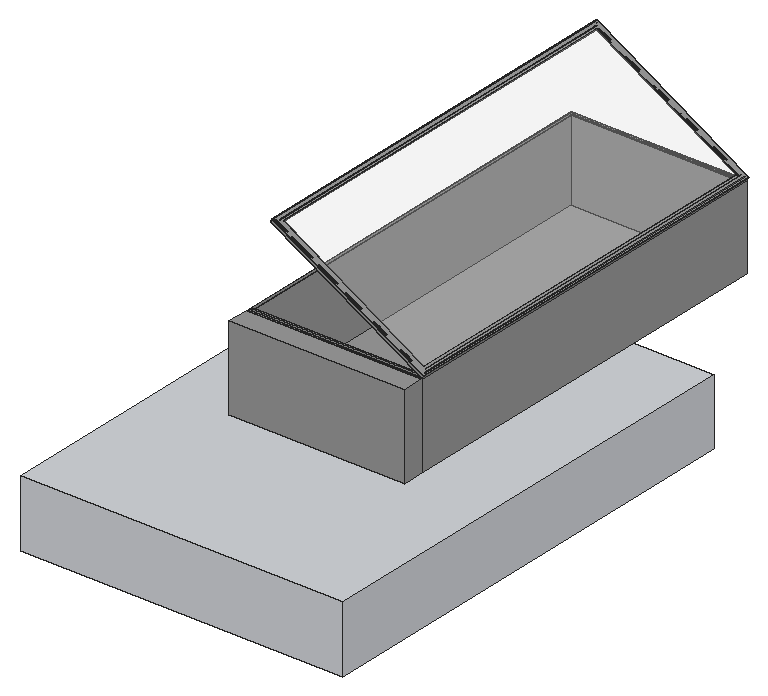
Revit family "Hager-Univers-IP55-D400-H1950-Cl.II-Steel_encl-ES-es", category Equipement électrique, Revit 2020
Family settings
  Hôte = Face
  Configuration du panneau = Deux colonnes, circuits au sein
  Cote de connecteur circulaire = Utiliser le diamètre
  Type d'élément = Tableau de raccordement
  Couper avec des vides une fois chargée = Non
  Partagée = Non
  Point de calcul de pièce = Non
Parameters (values of type "Instalación de suelo IP55 A800 A1950 P400  - FR23U1")
  Width Control [instance] = if([EF000008 - Anchura] > Min Width, [EF000008 - Anchura], Min Width)  # 800 mm
  Commentaires du type = [HG000003 - Gama]  # "Univers"
  Thickness Door [instance] = if([EF009171 - Espesor puerta/tapa] > 3 mm, 3 mm, [EF009171 - Espesor puerta/tapa])  # 1.5 mm
  Seal Frame Offset [instance] = 17 mm  # constant formula
  Plinth Visibility [instance] = [HG000027 - Altura de zócalo] > 0 mm  # yes
  Model = ""
  Min Width [instance] = 100 mm  # constant formula
  Min Height [instance] = 100 mm  # constant formula
  Min Depth [instance] = (2 * [EF009170 - Espesor del material de la caja]) + 1 mm  # 4 mm
  Internal Frame Depth [instance] = (Door System Depth * 0.5)  # 9 mm
  Height Control [instance] = if([EF000040 - Altura] > Min Height, [EF000040 - Altura], Min Height)  # 1950 mm
  HG000027 - Altura de zócalo = 100 mm
  HG000026 - Instalación en suelo = yes
  HG000024 - Altura de la sección inferior = 800 mm
  HG000023 - Caja de doble sección = no
  HG000016 - Visibilidad de la puerta 3D [instance] = yes
  HG000015 - Visibilidad a través de la puerta [instance] = no
  HG000014 - Puerta a la derecha [instance] = yes
  HG000013 - Puerta a la izquierda [instance] = not([HG000014 - Puerta a la derecha])  # no
  HG000012 - Ángulo de giro de la puerta [instance] = 30.00°
  HG000010 - Puertas asimétricas = no
  HG000009 - Puerta batiente doble = no
  HG000006 - Empotrado = no
  HG000004 - Referencia del fabricante = "FR23U1"
  HG000003 - Gama = "Univers"
  HG000002 - Con puerta o tapa = yes
  Frame Offset Bottom [instance] = 10 mm  # constant formula
  Frame Offset [instance] = 15 mm  # constant formula
  EF015940 - Tapa con alivio de sobrepresión = no
  EF011959 - Grado de protección (NEMA) = ""
  EF009554 - Número de aberturas para placas-brida = 6
  Fabricant = "Hager"  # constant formula
  EF009212 - Versión de la cubierta = "EV000116 - Cerrado"
  EF009171 - Espesor puerta/tapa = 1.5 mm
  EF009170 - Espesor del material de la caja = 1.5 mm
  EF008873 - Corriente nominal (In) = 800 A
  EF007800 - Adecuado para la protección contra rayos = no
  EF006306 - Con cierre = no
  EF006244 - Tapa/puerta transparente = yes
  EF005474 - Grado de protección (IP) = "EV006420 - IP55"
  EF004464 - Tipo de puerta = "EV002646 - Único"
  EF004427 - Número de módulos = 432
  EF004293 - Resistencia al impacto (IK) = "EV008784 - IK10"
  EF003532 - Adecuado para uso en exteriores = no
  EF002950 - Anchura de unidades de división = 24
  EF001613 - Integridad del circuito = "EV000494 - Ninguno"
  EF001596 - Material de la carcasa = "EV000179 - Acero"
  EF001131 - Profundidad interna = 400 mm
  EF001088 - Posibilidad de extensión = yes
  EF000437 - Número de entradas de conductos de cables = 6
  EF000339 - Tipo de cubierta = "EV004216 - Puerta"
  EF000266 - Número de filas = 12
  EF000218 - Profundidad de instalación = 0 mm
  EF000118 - Con placa de montaje = no
  EF000116 - Número RAL = "7035"
  EF000049 - Profundidad = 400 mm
  EF000040 - Altura = 1950 mm
  EF000008 - Anchura = 800 mm
  EF000007 - Color = "EV000270 - Gris"
  EF000003 - Tipo de montaje = "EV012274 - Instalación de suelo"
  Door System Leaf Tolerance [instance] = 1.5 mm  # constant formula
  Door System Depth [instance] = 18 mm  # constant formula
  Door Height [instance] = Height Control - [HG000027 - Altura de zócalo]  # 1850 mm
  Depth Control [instance] = if([EF000049 - Profundidad] > Min Depth, [EF000049 - Profundidad], Min Depth)  # 400 mm
  Default Elevation = 0 mm
  Connector Offset [instance] = Height Control / 2  # 975 mm
  Bottom Top Plate Trim [instance] = 1.5 mm  # constant formula
  Plinth height Ctrl [instance] = if([HG000027 - Altura de zócalo] > 0 mm, [HG000027 - Altura de zócalo], 12 mm)  # 100 mm
Types (11, lengths in mm): name | Width Control | HG000010 - Puertas asimétricas | HG000009 - Puerta batiente doble | HG000004 - Referencia del fabricante | EF009554 - Número de aberturas para placas-brida | EF006244 - Tapa/puerta transparente | EF004464 - Tipo de puerta | EF004427 - Número de módulos | EF000437 - Número de entradas de conductos de cables | EF000008 - Anchura
  Instalación de suelo IP55 A1050 A1950 P400  - FR24H1 | 1050 | yes | yes | "FR24H1" | 8 | no | "EV003602 - Doble" | 576 | 8 | 1050
  Instalación de suelo IP55 A1050 A1950 P400  - FR24U1 | 1050 | yes | yes | "FR24U1" | 8 | yes | "EV003602 - Doble" | 576 | 8 | 1050
  Instalación de suelo IP55 A1300 A1950 P400  - FR25H1 | 1300 | yes | yes | "FR25H1" | 10 | no | "EV003602 - Doble" | 720 | 10 | 1300
  Instalación de suelo IP55 A1300 A1950 P400  - FR25U1 | 1300 | yes | yes | "FR25U1" | 10 | yes | "EV003602 - Doble" | 720 | 10 | 1300
  Instalación de suelo IP55 A1550 A1950 P400  - FR26H1 | 1550 | yes | yes | "FR26H1" | 12 | no | "EV003602 - Doble" | 864 | 12 | 1550
  Instalación de suelo IP55 A1550 A1950 P400  - FR26U1 | 1550 | yes | yes | "FR26U1" | 12 | yes | "EV003602 - Doble" | 864 | 12 | 1550
  Instalación de suelo IP55 A300 A1950 P400  - FR21H1 | 300 | no | no | "FR21H1" | 2 | no | "EV002646 - Único" | 144 | 2 | 300
  Instalación de suelo IP55 A550 A1950 P400  - FR22H1 | 550 | no | no | "FR22H1" | 4 | no | "EV002646 - Único" | 288 | 4 | 550
  Instalación de suelo IP55 A550 A1950 P400  - FR22U1 | 550 | no | no | "FR22U1" | 4 | yes | "EV002646 - Único" | 288 | 4 | 550
  Instalación de suelo IP55 A800 A1950 P400  - FR23H1 | 800 | no | no | "FR23H1" | 6 | no | "EV002646 - Único" | 432 | 6 | 800
  Instalación de suelo IP55 A800 A1950 P400  - FR23U1 | 800 | no | no | "FR23U1" | 6 | yes | "EV002646 - Único" | 432 | 6 | 800
Reference planes
  plane 1 "Center (Front/Back)": y = 0
  plane 2: z = 0
  plane 3 "Center (Left/Right)": x = 0
  plane 4: z = 400
  plane 5: y = 101.5
  plane 6: y = 1025
  plane 7: y = 100
  plane 8: y = 1950
  plane 9: z = 0
  plane 10: x = -385
  plane 11: x = 385
  plane 12: x = 383.5
  plane 13: x = -383.5
  plane 14: y = 1948.5
  plane 15: x = -383
  plane 16: x = -400
  plane 17: x = 383
  plane 18: x = 400
  plane 19: x = 398.5
  plane 20: x = -398.5
  plane 21: y = 111.5
  plane 22: y = 1950
  plane 23: y = 1933.5
  plane 24: z = 382
  plane 25: z = 1.5
  plane 26: z = 380.5
  plane 27: z = 398.5
Forms (mm)
  Extrusion 1, solid
    sketch origin (0, 0, 0) x (1, 0, 0) y (0, 1, 0)
      loop
        line (-702.964, 1305) -> (-702.964, -811.445) -> (766.763, -811.445) -> (766.763, 1305) -> (-702.964, 1305)
    from 0 to -304.8
  Extrusion 2, solid, material "Hager_Steel_RAL7035_Light_Grey", visible <- "Plinth Visibility", detail levels medium+fine
    sketch origin (0, 0, 0) x (1, 0, 0) y (0, 1, 0)
      loop
        line (-400, 0) -> (400, 0) -> (400, 100) -> (-400, 100) -> (-400, 0)
    from 0 to 382
  Extrusion 3, solid, material "Hager_Steel_RAL7035_Light_Grey", detail levels medium+fine
    sketch origin (0, 0, 0) x (1, 0, 0) y (0, 1, 0)
      loop
        line (-400, 100) -> (400, 100) -> (400, 1950) -> (-400, 1950) -> (-400, 100)
    from 0 to 382
  Extrusion 4, void
    sketch origin (0, 0, 0) x (1, 0, 0) y (0, 1, 0)
      loop
        line (-398.5, 101.5) -> (398.5, 101.5) -> (398.5, 1948.5) -> (-398.5, 1948.5) -> (-398.5, 101.5)
    from 1.5 to 380.5
  Extrusion 5, void
    sketch origin (-381.607, -4572, 382) x (0, -1, 0) y (-1, 0, 0)
      loop
        line (-4683.5, 1.893) -> (-6505.5, 1.893) -> (-6505.5, -765.107) -> (-4683.5, -765.107) -> (-4683.5, 1.893)
    from 0 to 1.5 <- "EF009170 - Espesor del material de la caja"
  Extrusion 6, solid, material "Hager_Steel_RAL7035_Light_Grey", detail levels fine
    sketch origin (0, 0, 382) x (1, 0, 0) y (0, 1, 0)
      loop
        line (-383.5, 1933.5) -> (-383.5, 111.5) -> (383.5, 111.5) -> (383.5, 1933.5) -> (-383.5, 1933.5)
      loop
        line (-385, 110) -> (385, 110) -> (385, 1935) -> (-385, 1935) -> (-385, 110)
    from 0 to 9 <- "Internal Frame Depth"
  Extrusion 7, solid, material "Hager_Steel_RAL7035_Light_Grey", detail levels coarse
    sketch origin (0, 0, 0) x (1, 0, 0) y (0, 1, 0)
      loop
        line (-400, 0) -> (400, 0) -> (400, 1950) -> (-400, 1950) -> (-400, 0)
    from 0 to 400
  Sweep 8, void
    path in 3D
      loop
        line (-400, 100, 0) -> (400, 100, 0) -> (400, 100, 382) -> (-400, 100, 382) -> (-400, 100, 0)
    profile origin (-400, 100, 191) x (-1, 0, 0) y (0, -1, 0)
      loop
        line (0, 0) -> (0, 1.5) -> (-1.5, 1.5)
        arc (-1.5, 1.5) -> (-1.061, 0.439) -> (0, 0) r 1.5
Cuts and joins
  Extrusion 4, Extrusion 5 cuts Extrusion 3
  Sweep 8 cuts Extrusion 2
Lines and regions (mm)
  Masking region 1
    outline origin (0, 0, 0) x (1, 0, 0) y (0, 0, 1)
      loop
        line (-400, 400) -> (-400, 0) -> (400, 0) -> (400, 400) -> (-400, 400)
  Masking region 2, detail levels medium+fine
    outline origin (0, 140, 0) x (0, 1, 0) y (0, 0, 1)
      loop
        line (-40, 0) -> (1810, 0) -> (1810, 382) -> (-40, 382) -> (-40, 0)
  Masking region 3, not visible, detail levels medium+fine
    outline origin (0, 297.922, 0) x (0, 1, 0) y (0, 0, 1)
      loop
        line (738.578, 0) -> (778.578, 0) -> (778.578, 388.5)
        arc (778.578, 388.5) -> (775.649, 395.571) -> (768.578, 398.5) r 10
        line (768.578, 398.5) -> (738.578, 398.5) -> (738.578, 0)
  Masking region 4, detail levels coarse
    outline origin (0, 0, 180) x (0, 1, 0) y (0, 0, 1)
      loop
        line (0, -180) -> (1950, -180) -> (1950, 220) -> (0, 220) -> (0, -180)
  Masking region 5, visible <- "Plinth Visibility", detail levels medium+fine
    outline origin (0, 52.24, 12.345) x (0, 0, -1) y (0, 1, 0)
      loop
        line (10.845, 47.76) -> (-368.155, 47.76)
        arc (-368.155, 47.76) -> (-368.594, 46.699) -> (-369.655, 46.26) r 1.5
        line (-369.655, 46.26) -> (-369.655, -52.24) -> (12.345, -52.24) -> (12.345, 46.26)
        arc (12.345, 46.26) -> (11.285, 46.699) -> (10.845, 47.76) r 1.5
  Masking region 6, detail levels medium+fine
    outline origin (-381.607, -4572, 382) x (-1, 0, 0) y (0, -1, 0)
      loop
        line (18.393, -6522) -> (18.393, -4672) -> (-781.607, -4672) -> (-781.607, -6522) -> (18.393, -6522)
  Masking region 7, visible <- "Plinth Visibility", detail levels medium+fine
    outline origin (-381.607, -4727, 382) x (-1, 0, 0) y (0, -1, 0)
      loop
        arc (16.893, -4827) -> (17.332, -4825.939) -> (18.393, -4825.5) r 1.5
        line (18.393, -4825.5) -> (18.393, -4727) -> (-781.607, -4727) -> (-781.607, -4825.5)
        arc (-781.607, -4825.5) -> (-780.546, -4825.939) -> (-780.107, -4827) r 1.5
        line (-780.107, -4827) -> (16.893, -4827)
  Masking region 8, detail levels coarse
    outline origin (-442.548, -4669.526, 382) x (-1, 0, 0) y (0, -1, 0)
      loop
        line (-42.548, -6619.526) -> (-42.548, -4669.526) -> (-842.548, -4669.526) -> (-842.548, -6619.526) -> (-42.548, -6619.526)
  sketch lines
    curve 1: line (-400, 100, 382) -> (-400, 100, 0)
    curve 2: line (400, 100, 382) -> (-400, 100, 382)
    curve 3: line (400, 100, 382) -> (400, 100, 0)
    curve 4: line (-400, 100, 0) -> (400, 100, 0)
Dimensions and locks
  "Depth Control": plane 4 to Extrusion 1
  "HG000027 - Altura de zócalo": plane 1 "Center (Front/Back)" to plane 7
  "EF009170 - Espesor del material de la caja": plane 5 to plane 7
  locked: connector elem to plane 3 "Center (Left/Right)"
  equal spacing: plane 8, plane 6, plane 7
  locked: connector elem to plane 6
  "EF009170 - Espesor del material de la caja": plane 8 to plane 14
  "EF009170 - Espesor del material de la caja": plane 10 to plane 13
  "EF009170 - Espesor del material de la caja": plane 12 to plane 11
  "Frame Offset": plane 20 to plane 13
  "Frame Offset": plane 12 to plane 19
  "EF009170 - Espesor del material de la caja": plane 16 to plane 20
  "EF009170 - Espesor del material de la caja": plane 19 to plane 18
  "Seal Frame Offset": plane 16 to plane 15
  "Seal Frame Offset": plane 17 to plane 18
  "Frame Offset Bottom": plane 21 to plane 5
  "Frame Offset": plane 14 to plane 23
  equal spacing: plane 16, plane 3 "Center (Left/Right)", plane 18
  "Width Control": plane 16 to plane 18
  "EF009170 - Espesor del material de la caja": plane 4 to plane 27
  "EF009170 - Espesor del material de la caja": plane 24 to plane 26
  "EF009170 - Espesor del material de la caja": plane 25 to level
  "Door System Depth": plane 4 to plane 24
  "Height Control": plane 1 "Center (Front/Back)" to Extrusion 7 sketch curve
  "Height Control": Masking region 4 sketch curve to plane 1 "Center (Front/Back)"
  "Height Control": plane 1 "Center (Front/Back)" to plane 22
  "Bottom Top Plate Trim": profile plane to Sweep 8 sketch curve
  "Bottom Top Plate Trim": Sweep 8 sketch curve to profile plane
  "Plinth height Ctrl": plane 1 "Center (Front/Back)" to Extrusion 2 sketch curve
  "Plinth height Ctrl": Masking region 5 sketch curve to plane 1 "Center (Front/Back)"
  "Plinth height Ctrl": plane 1 "Center (Front/Back)" to Masking region 7 sketch curve
  "Thickness Door": Extrusion 6 sketch curve to Extrusion 6 sketch curve  (x3)
  "Thickness Door": cut or joined group of Extrusion 3, Extrusion 4, Extrusion 5 to Extrusion 6 sketch curve
  radius of Masking region 3 sketch curve = 10 mm
  "Bottom Top Plate Trim": radius of Masking region 5 sketch curve  (x2)
  "Bottom Top Plate Trim": radius of Sweep 8 sketch curve
  "Bottom Top Plate Trim": radius of Masking region 7 sketch curve  (x2)
  aligned and locked: plane 2 to Extrusion 1
  aligned and locked: level to Extrusion 1
  aligned and locked: level to Masking region 1 sketch curve
  aligned and locked: Masking region 1 sketch curve to plane 18
  aligned and locked: Masking region 1 sketch curve to plane 16
  aligned and locked: plane 7 to Masking region 2 sketch curve
  aligned and locked: level to Masking region 3 sketch curve
  aligned and locked: Masking region 3 sketch curve to plane 27
  aligned and locked: level to Masking region 2 sketch curve
  aligned and locked: plane 1 "Center (Front/Back)" to Extrusion 2 sketch curve
  aligned and locked: Extrusion 3 sketch curve to plane 7
  aligned and locked: plane 16 to Extrusion 3 sketch curve
  aligned and locked: plane 18 to Extrusion 3 sketch curve
  aligned and locked: plane 20 to Extrusion 4 sketch curve
  aligned and locked: plane 19 to Extrusion 4 sketch curve
  aligned and locked: Extrusion 4 sketch curve to plane 5
  aligned and locked: Extrusion 4 to plane 25
  aligned and locked: plane 26 to Extrusion 4
  aligned and locked: plane 24 to Extrusion 3
  aligned and locked: Extrusion 5 sketch curve to plane 21
  aligned and locked: Extrusion 5 sketch curve to plane 13
  aligned and locked: Extrusion 5 sketch curve to plane 12
  aligned and locked: plane 18 to Extrusion 7 sketch curve
  aligned and locked: plane 1 "Center (Front/Back)" to Extrusion 7 sketch curve
  aligned and locked: plane 16 to Extrusion 7 sketch curve
  aligned and locked: plane 4 to Extrusion 7
  aligned and locked: Extrusion 7 to level
  aligned and locked: level to Masking region 4 sketch curve
  aligned and locked: Masking region 4 sketch curve to plane 1 "Center (Front/Back)"
  aligned and locked: Masking region 4 sketch curve to plane 4
  aligned and locked: nested 1 to level
  aligned and locked: nested 1 to plane 16
  aligned and locked: plane 8 to Extrusion 3 sketch curve
  aligned and locked: plane 23 to Extrusion 5 sketch curve
  aligned and locked: plane 14 to Extrusion 4 sketch curve
  aligned and locked: Masking region 2 sketch curve to plane 8
  aligned and locked: level to Masking region 5 sketch curve
  aligned and locked: plane 16 to Extrusion 2 sketch curve
  aligned and locked: plane 18 to Extrusion 2 sketch curve
  aligned and locked: Masking region 5 sketch curve to plane 24
  aligned and locked: Masking region 2 sketch curve to plane 24
  aligned and locked: plane 24 to Extrusion 2
  aligned and locked: profile plane to Sweep 8 sketch curve  (x2)
  aligned and locked: Masking region 6 sketch curve to plane 18
  aligned and locked: Masking region 6 sketch curve to plane 22
  aligned and locked: Masking region 6 sketch curve to plane 16
  aligned and locked: plane 8 to plane 22
  aligned and locked: Masking region 6 sketch curve to plane 7
  aligned and locked: Masking region 7 sketch curve to plane 16
  aligned and locked: Masking region 7 sketch curve to plane 1 "Center (Front/Back)"
  aligned and locked: Masking region 7 sketch curve to plane 18
  aligned and locked: Masking region 8 sketch curve to plane 1 "Center (Front/Back)"
  aligned and locked: Masking region 8 sketch curve to plane 18
  aligned and locked: Masking region 8 sketch curve to plane 22
  aligned and locked: Masking region 8 sketch curve to plane 16
  aligned and locked: nested 2 to plane 7
  aligned and locked: plane 3 "Center (Left/Right)" to nested 2
  aligned and locked: nested 2 to plane 24
  aligned and locked: Extrusion 6 sketch curve to cut or joined group of Extrusion 3, Extrusion 4, Extrusion 5  (x4)
Automatic sketch dimensions
  Extrusion 1 sketch curve to Extrusion 1 sketch curve = 1469.727 mm
  Extrusion 1 sketch curve to Extrusion 1 sketch curve = 2116.445 mm
  Masking region 1 sketch curve to plane 4 = 0 mm
  plane 6 to Masking region 3 sketch curve = 11.5 mm
  Masking region 3 sketch curve to Masking region 3 sketch curve = 30 mm
  Masking region 5 sketch curve to plane 1 "Center (Front/Back)" = 0 mm
Nested families
  nested 1: "Hager_Enclosure_Symbol" at (-400, 0, 0) x (1, 0, 0) z (0, -1, 0), Height <- "Depth Control", Width <- "Width Control", type "Hager_Enclosure_Symbol"
    with Width_Ctrl 800 mm, Width 800 mm, Height_Ctrl 400 mm, Height 400 mm, A_Width_Int 26.25 mm, A_Width 315 mm, A_Height_Ctrl 350 mm, A_Height 350 mm
  nested 2: "EC000058_Univers_Door" at (0, 100, 382) x (1, 0, 0) z (0, 1, 0), Leaf_Tolerance <- "Door System Leaf Tolerance", Angle <- "HG000012 - Ángulo de giro de la puerta", Door_Depth <- "Door System Depth", Door_Left <- "HG000013 - Puerta a la izquierda", Transparent <- "EF006244 - Tapa/puerta transparente", Assymetrical <- "HG000010 - Puertas asimétricas", Width <- "Width Control", Clearance <- "HG000015 - Visibilidad a través de la puerta", Double <- "HG000009 - Puerta batiente doble", 3d_Door <- "HG000016 - Visibilidad de la puerta 3D", Lock_Visibility <- "EF006306 - Con cierre", Width_Ctrl <- "Width Control", Door_Right <- "HG000014 - Puerta a la derecha", Door <- "HG000002 - Con puerta o tapa", Height <- "Door Height", Thickness <- "Thickness Door", type "EC000058_Univers_Door", detail levels medium+fine
    with min_wh 4 mm, Width_Ctrl 800 mm, Width 800 mm, Transparent yes, Thickness 1.5 mm, Seal_Material Hager_Rubber, Lock_Visibility no, Lock_Material Hager_Plastic_RAL9005_Jet_Black, Leaf_Width 800 mm, Leaf_Tolerance_External_Sides 0 mm, Leaf_Tolerance 1.5 mm, Leaf_Offset 0 mm, Leaf_Height 1847 mm, Leaf_2_Width 800 mm, Leaf_2_Offset 400 mm, Leaf_1_Width 800 mm, Leaf_1_Offset 400 mm, Height_Ctrl 1850 mm, Height 1850 mm, Glass_Material Hager_Glass, Double_Clearance_Ctrl no, Double no, Door_Right_Ctrl yes, Door_Right yes, Door_Material Hager_Steel_RAL7035_Light_Grey, Door_Left_Ctrl no, Door_Left no, Door_Depth 18 mm, Door yes, Clearance_Material Hager_Clearance, Clearance_Depth 800 mm, Clearance_Ctrl no, Clearance no, Assymetrical no, Angle 30.00°, 3d_Door yes
Connectors
  electrical at (0, 1025, 0)
    settings: on plane 9, index 1, voltage 0 V, apparent load 0 VA, apparent load phase1 0 VA, apparent load phase2 0 VA, apparent load phase3 0 VA, power factor 1, load classification "Other", number of poles 1, system type 30, power factor state 1, is connector primary yes, connector utility no, sub classification motor no, connector description ""
Definition of nested family "EC000058_Univers_Door"
  Parameters (values of type "EC000058_Univers_Door")
    min_wh [instance] = (2 * Thickness) + 1 mm  # 11 mm
    Width_Ctrl [instance] = 400 mm
    Width [instance] = 500 mm
    Transparent [instance] = yes
    Thickness [instance] = 5 mm
    Seal_Material [instance] = none
    Lock_Visibility [instance] = yes
    Lock_Material [instance] = none
    Leaf_Width [instance] = if((Width_Ctrl - 2 * Leaf_Tolerance_External_Sides) > 0 mm, (Width_Ctrl - 2 * Leaf_Tolerance_External_Sides), min_wh)  # 400 mm
    Leaf_Tolerance_External_Sides [instance] = 0 mm  # constant formula
    Leaf_Tolerance [instance] = 1.5 mm
    Leaf_Offset [instance] = 0 mm  # constant formula
    Leaf_Height [instance] = if((Height_Ctrl - 2 * Leaf_Tolerance) > 0 mm, (Height_Ctrl - 2 * Leaf_Tolerance), min_wh)  # 497 mm
    Leaf_2_Width [instance] = if(and(and(Double, Assymetrical), Door_Left), (Leaf_Width / 3) - (Leaf_Tolerance / 2), if(and(and(Double, Assymetrical), Door_Right), (Leaf_Width / 3) * 2 - (Leaf_Tolerance / 2), if(and(Double, not(Assymetrical)), (Leaf_Width / 2) - Leaf_Tolerance, Leaf_Width)))  # 400 mm
    Leaf_2_Offset [instance] = if(and(Double, Assymetrical), Leaf_2_Width / 2, if(and(Double, not(Assymetrical)), Leaf_Width / 4, Leaf_Width / 2))  # 200 mm
    Leaf_1_Width [instance] = if(and(and(Double, Assymetrical), Door_Right), (Leaf_Width / 3) - (Leaf_Tolerance / 2), if(and(and(Double, Assymetrical), Door_Left), (Width / 3) * 2 - (Leaf_Tolerance / 2), if(and(Double, not(Assymetrical)), (Leaf_Width / 2) - Leaf_Tolerance, Leaf_Width)))  # 400 mm
    Leaf_1_Offset [instance] = if(and(Double, Assymetrical), Leaf_1_Width / 2, if(and(Double, not(Assymetrical)), Leaf_Width / 4, Leaf_Width / 2))  # 200 mm
    Height_Ctrl [instance] = if(Height > min_wh, Height, min_wh)  # 500 mm
    Height [instance] = 500 mm
    Glass_Material [instance] = none
    Double_Clearance_Ctrl [instance] = and(Double, Clearance)  # no
    Double [instance] = no
    Door_Right_Ctrl [instance] = and(or(Door_Right, Double), Door)  # yes
    Door_Right [instance] = yes
    Door_Material [instance] = none
    Door_Left_Ctrl [instance] = and(or(Door_Left, Double), Door)  # no
    Door_Left [instance] = no
    Door_Depth [instance] = 30 mm
    Door [instance] = yes
    Default Elevation = 1219.2 mm
    Clearance_Material [instance] = none
    Clearance_Depth [instance] = if(Leaf_1_Width > Leaf_2_Width, Leaf_1_Width, Leaf_2_Width)  # 400 mm
    Clearance_Ctrl [instance] = and(not(Double), Clearance)  # yes
    Clearance [instance] = yes
    Assymetrical [instance] = yes
    Angle [instance] = 30.00°
    3d_Door [instance] = yes
  Reference planes
    plane 1 "Center (Front/Back)": y = 0
    plane 2 "Bottom": z = 0
    plane 3 "Center (Left/Right)": x = 0
    plane 4: z = 500
    plane 5: x = -200
    plane 6: x = 200
    plane 7: z = 500
    plane 8: x = -200
    plane 9: z = 0
    plane 10: x = 200
    plane 11: y = 0
    plane 12: z = 1.5
    plane 13: x = -600
    plane 14: y = -400
    plane 15: x = 600
    plane 16: x = 0
    plane 17: x = 0
    plane 18: x = -200
    plane 19: x = 200
    plane 20: z = 498.5
  Forms (mm)
    Extrusion 1, solid, material <- "Clearance_Material", visible <- "Double_Clearance_Ctrl"
      sketch origin (1200, 0, 0) x (1, 0, 0) y (0, 0, -1)
        loop
          line (-1800, -498.5) -> (-600, -498.5) -> (-600, 0) -> (-1800, 0) -> (-1800, -498.5)
      from 0 to -400
  Dimensions and locks
    equal spacing: plane 5, plane 3 "Center (Left/Right)", plane 6
    "Width_Ctrl": plane 5 to plane 6
    "Leaf_Offset": plane 5 to plane 8
    "Leaf_Offset": plane 6 to plane 10
    "Leaf_Offset": plane 9 to level
    "Leaf_Offset": plane 4 to plane 7
    "Height_Ctrl": plane 4 to level
    "Leaf_Tolerance": plane 12 to plane 9
    locked: plane 11 to plane 1 "Center (Front/Back)"
    "Leaf_1_Offset": plane 18 to plane 16
    "Leaf_2_Offset": plane 17 to plane 19
    "Leaf_1_Width": plane 13 to plane 8
    "Leaf_2_Width": plane 10 to plane 15
    "Clearance_Depth": plane 14 to plane 1 "Center (Front/Back)"
    "Leaf_Tolerance_External_Sides": plane 8 to plane 18
    "Leaf_Tolerance_External_Sides": plane 19 to plane 10
    "Leaf_Tolerance": plane 7 to plane 20
    aligned and locked: level to plane 2 "Bottom"
    aligned and locked: nested 1 to plane 16
    aligned and locked: nested 2 to plane 17
    aligned and locked: Extrusion 1 to plane 13
    aligned and locked: plane 15 to Extrusion 1
    aligned and locked: Extrusion 1 to plane 14
    aligned and locked: plane 12 to nested 1
    aligned and locked: nested 2 to plane 12
    aligned and locked: Extrusion 1 to plane 11
    aligned and locked: plane 20 to Extrusion 1
    aligned and locked: nested 2 to plane 11
    aligned and locked: nested 1 to plane 11
  Automatic sketch dimensions
    Extrusion 1 sketch curve to level = 0 mm
    plane 5 to Extrusion 1 sketch curve = 400 mm
    plane 6 to Extrusion 1 sketch curve = 400 mm
    Extrusion 1 sketch curve to plane 4 = 1.5 mm
  Nested families
    nested 1: "EC000058_Univers_Door_Leaf" at (0, 0, 1.5), Width <- "Leaf_1_Width", visible <- "Door_Left_Ctrl", Leaf_Height <- "Leaf_Height", Angle <- "Angle", 3d_Door <- "3d_Door", Transparent <- "Transparent", Clearance Material <- "Clearance_Material", Clearance <- "Clearance_Ctrl", Door_Material <- "Door_Material", Glass_Material <- "Glass_Material", Door_Depth <- "Door_Depth", Lock_Material <- "Lock_Material", Seal_Material <- "Seal_Material", Lock_Visibility <- "Lock_Visibility", Thickness <- "Thickness", type "EC000058_Univers_Door_Leaf"
      with Width 400 mm, Transparent_Glass_Offset 30 mm, Transparent_Ctrl yes, Transparent yes, Thickness 5 mm, Standard no, Seal_Material none, Seal_D2 8 mm, Seal_D1 1 mm, Offset_Internal_Frame 10 mm, Lock_Width 20 mm, Lock_Visibility_3d yes, Lock_Visibility yes, Lock_Thickness_3 3 mm, Lock_Thickness_2 1 mm, Lock_Thickness_1 3 mm, Lock_Radius_Offset_2 16 mm, Lock_Radius_Offset_1 15 mm, Lock_Radius_2 5 mm, Lock_Radius 6 mm, Lock_Offset 5 mm, Lock_Material none, Lock_Height 80 mm, Lock_Cover_Top_Offset_2d 17 mm, Lock_Cover_Height -65 mm, Leaf_Height 497 mm, Internal_Seal_Thickness 8 mm, Internal_Seal_Depth_2 4.5 mm, Internal_Frame_Depth 25 mm, Glass_Thickness -1 mm, Glass_Offset -2 mm, Glass_Material none, Door_Material none, Door_Depth 30 mm, Clearance Material none, Clearance yes, Angle_Ctrl 30.00°, Angle 30.00°, 3d_Door yes
    nested 2: "EC000058_Univers_Door_Leaf" at (0, 0, 1.5) x (-1, 0, 0) z (0, 0, 1), Width <- "Leaf_2_Width", visible <- "Door_Right_Ctrl", Leaf_Height <- "Leaf_Height", Angle <- "Angle", 3d_Door <- "3d_Door", Transparent <- "Transparent", Clearance Material <- "Clearance_Material", Clearance <- "Clearance_Ctrl", Door_Material <- "Door_Material", Glass_Material <- "Glass_Material", Door_Depth <- "Door_Depth", Lock_Material <- "Lock_Material", Seal_Material <- "Seal_Material", Lock_Visibility <- "Lock_Visibility", Thickness <- "Thickness", type "EC000058_Univers_Door_Leaf"
      with Width 400 mm, Transparent_Glass_Offset 30 mm, Transparent_Ctrl yes, Transparent yes, Thickness 5 mm, Standard no, Seal_Material none, Seal_D2 8 mm, Seal_D1 1 mm, Offset_Internal_Frame 10 mm, Lock_Width 20 mm, Lock_Visibility_3d yes, Lock_Visibility yes, Lock_Thickness_3 3 mm, Lock_Thickness_2 1 mm, Lock_Thickness_1 3 mm, Lock_Radius_Offset_2 16 mm, Lock_Radius_Offset_1 15 mm, Lock_Radius_2 5 mm, Lock_Radius 6 mm, Lock_Offset 5 mm, Lock_Material none, Lock_Height 80 mm, Lock_Cover_Top_Offset_2d 17 mm, Lock_Cover_Height -65 mm, Leaf_Height 497 mm, Internal_Seal_Thickness 8 mm, Internal_Seal_Depth_2 4.5 mm, Internal_Frame_Depth 25 mm, Glass_Thickness -1 mm, Glass_Offset -2 mm, Glass_Material none, Door_Material none, Door_Depth 30 mm, Clearance Material none, Clearance yes, Angle_Ctrl 30.00°, Angle 30.00°, 3d_Door yes
  Definition of nested family "EC000058_Univers_Door_Leaf"
    Parameters (values of type "EC000058_Univers_Door_Leaf")
      Width [instance] = 2000 mm
      Transparent_Glass_Offset [instance] = 30 mm
      Transparent_Ctrl [instance] = and(Transparent, [3d_Door])  # yes
      Transparent [instance] = yes
      Thickness [instance] = 5 mm
      Standard [instance] = and(not(Transparent), [3d_Door])  # no
      Seal_Material [instance] = none
      Seal_D2 [instance] = 8 mm  # constant formula
      Seal_D1 [instance] = 1 mm  # constant formula
      Offset_Internal_Frame [instance] = 10 mm  # constant formula
      Lock_Width [instance] = 20 mm  # constant formula
      Lock_Visibility_3d [instance] = and(Lock_Visibility, [3d_Door])  # yes
      Lock_Visibility [instance] = yes
      Lock_Thickness_3 [instance] = 3 mm  # constant formula
      Lock_Thickness_2 [instance] = 1 mm  # constant formula
      Lock_Thickness_1 [instance] = 3 mm  # constant formula
      Lock_Radius_Offset_2 [instance] = Lock_Radius_Offset_1 + 1 mm  # 16 mm
      Lock_Radius_Offset_1 [instance] = 15 mm  # constant formula
      Lock_Radius_2 [instance] = Lock_Radius - 1 mm  # 5 mm
      Lock_Radius [instance] = 6 mm  # constant formula
      Lock_Offset [instance] = 5 mm  # constant formula
      Lock_Material [instance] = none
      Lock_Height [instance] = 80 mm  # constant formula
      Lock_Cover_Top_Offset_2d [instance] = Lock_Radius_Offset_2 + 1 mm  # 17 mm
      Lock_Cover_Height [instance] = -(Lock_Height - Lock_Radius_Offset_1)  # -65 mm
      Leaf_Height [instance] = 2720.336 mm
      Internal_Seal_Thickness [instance] = 8 mm  # constant formula
      Internal_Seal_Depth_2 [instance] = 4.5 mm  # constant formula
      Internal_Frame_Depth [instance] = if(Door_Depth - Thickness > 5 mm, Door_Depth - Thickness, 5 mm)  # 25 mm
      Glass_Thickness [instance] = if(Thickness > 15 mm, Glass_Offset + 10 mm, -1 mm)  # -1 mm
      Glass_Offset [instance] = if(Thickness > 15 mm, -(Thickness + 10 mm) / 2, -2 mm)  # -2 mm
      Glass_Material [instance] = none
      Door_Material [instance] = none
      Door_Depth [instance] = 30 mm
      Default Elevation = 0 mm
      Clearance Material [instance] = none
      Clearance [instance] = yes
      Angle_Ctrl [instance] = if(Angle > 180.00°, 180.00°, Angle)  # 90.00°
      Angle [instance] = 90.00°
      3d_Door [instance] = yes
    Reference planes
      plane 1 "Center (Front/Back)": y = 0
      plane 2: z = 0
      plane 3 "Center (Left/Right)": x = 0
      plane 4: y = 2000
      plane 5: x = -1000
      plane 6: x = 1000
      plane 7: x = -3000
      plane 8: z = 2720.336
      plane 9: z = 30
      plane 10: z = 2690.336
      plane 11: x = 970
      plane 12: x = -970
      plane 13: y = -3
      plane 14: z = 107.833
      plane 15: y = -5
      plane 16: y = -223.314
      plane 17: x = -1000
      plane 18: z = 1360.168
      plane 19: y = 30
    Forms (mm)
      Extrusion 1, solid, material <- "Clearance Material", visible <- "Clearance"
        sketch origin (0, 0, 0) x (1, 0, 0) y (0, 0, 1)
          loop
            line (-3000, 2720.336) -> (-3000, 0) -> (1000, 0) -> (1000, 2720.336) -> (-3000, 2720.336)
        from 0 to -2000
      Extrusion 2, solid, material <- "Door_Material", visible <- "Standard", detail levels medium+fine
        sketch origin (-1000, 0, 0) x (0, 1, 0) y (-1, 0, 0)
          loop
            line (0, 30) -> (0, 25) -> (2000, 25) -> (2000, 30) -> (0, 30)
        from 0 to 2720.336 <- "Leaf_Height"
      Extrusion 3, solid, material <- "Door_Material", visible <- "Transparent_Ctrl", detail levels medium+fine
        sketch origin (-1000, 0, 0) x (0, 1, 0) y (-1, 0, 0)
          loop
            line (0, 25) -> (2000, 25) -> (2000, 30) -> (0, 30) -> (0, 25)
        from 0 to 2720.336 <- "Leaf_Height"
      Extrusion 4, void
        sketch origin (-1025, 2000, 0) x (0, 1, 0) y (0, 0, -1)
          loop
            line (-30, -2690.336) -> (-30, -30) -> (-1970, -30) -> (-1970, -2690.336) -> (-30, -2690.336)
        from 0 to 5 <- "Thickness"
      Sweep 5, solid, material <- "Seal_Material", visible <- "Transparent_Ctrl", detail levels fine
        path in 3D
          loop
            line (-1025, 30, 30) -> (-1025, 30, 2690.336) -> (-1025, 1970, 2690.336) -> (-1025, 1970, 30) -> (-1025, 30, 30)
        profile origin (-1025, 1000, 30) x (1, 0, 0) y (0, 0, 1)
          loop
            line (0, 0) -> (0, -8) -> (1, -8) -> (1, 0) -> (0, 0)
      Extrusion 6, solid, material <- "Glass_Material", visible <- "Transparent_Ctrl", detail levels medium+fine
        sketch origin (-1030, 0, 0) x (0, 1, 0) y (0, 0, -1)
          loop
            line (1970, -2690.336) -> (1970, -30) -> (30, -30) -> (30, -2690.336) -> (1970, -2690.336)
        from -2 <- "Glass_Offset" to -1 <- "Glass_Thickness"
      Extrusion 7, solid, material <- "Door_Material", visible <- "3d_Door", detail levels medium+fine
        sketch origin (-1025, 2000, 0) x (0, -1, 0) y (0, 0, -1)
          loop
            line (0, -2720.336) -> (2000, -2720.336) -> (2000, 0) -> (0, 0) -> (0, -2720.336)
          loop
            line (1995, -5) -> (5, -5) -> (5, -2715.336) -> (1995, -2715.336) -> (1995, -5)
        from 0 to 25 <- "Internal_Frame_Depth"
      Sweep 8, solid, material <- "Seal_Material", visible <- "Transparent_Ctrl", detail levels fine
        path in 3D
          loop
            line (-1025, 0, 0) -> (-1025, 2000, 0) -> (-1025, 2000, 2720.336) -> (-1025, 0, 2720.336) -> (-1025, 0, 0)
        profile origin (-1025, 0, 1360.168) x (1, 0, 0) y (0, 1, 0)
          loop
            line (0, 10) -> (2.975, 10)
            arc (2.975, 10) -> (4.053, 10.447) -> (4.5, 11.525) r 1.525
            line (4.5, 11.525) -> (4.5, 16.527)
            arc (4.5, 16.527) -> (4.069, 17.569) -> (3.027, 18) r 1.473
            line (3.027, 18) -> (0, 18) -> (0, 10)
      Extrusion 9, solid, material <- "Lock_Material", visible <- "Lock_Visibility_3d", detail levels fine
        sketch origin (-1030, 0, 0) x (0, 1, 0) y (0, 0, -1)
          loop
            arc (1993.5, -1400.168) -> (1994.561, -1399.729) -> (1995, -1398.668) r 1.5
            line (1995, -1398.668) -> (1995, -1320.168) -> (1975, -1320.168) -> (1975, -1398.668)
            arc (1975, -1398.668) -> (1975.439, -1399.729) -> (1976.5, -1400.168) r 1.5
            line (1976.5, -1400.168) -> (1993.5, -1400.168)
        from 3 <- "Lock_Thickness_1" to 0
      Blend 10, solid, material <- "Lock_Material", visible <- "Lock_Visibility_3d", detail levels fine
        base sketch origin (-1033, 0, 0) x (0, 1, 0) y (0, 0, -1)
          loop
            line (1975, -1320.168) -> (1975, -1398.668)
            arc (1975, -1398.668) -> (1975.439, -1399.729) -> (1976.5, -1400.168) r 1.5
            line (1976.5, -1400.168) -> (1993.5, -1400.168)
            arc (1993.5, -1400.168) -> (1994.561, -1399.729) -> (1995, -1398.668) r 1.5
            line (1995, -1398.668) -> (1995, -1320.168) -> (1975, -1320.168)
        top sketch origin (-1033, 0, 0) x (0, 1, 0) y (0, 0, -1)
          loop
            line (1976, -1320.168) -> (1976, -1398.668)
            arc (1976, -1398.668) -> (1976.146, -1399.022) -> (1976.5, -1399.168) r 0.5
            line (1976.5, -1399.168) -> (1993.5, -1399.168)
            arc (1993.5, -1399.168) -> (1993.854, -1399.022) -> (1994, -1398.668) r 0.5
            line (1994, -1398.668) -> (1994, -1320.168) -> (1976, -1320.168)
        from 0 to 1 <- "Lock_Thickness_2"
      Blend 11, solid, material <- "Lock_Material", visible <- "Lock_Visibility_3d", detail levels fine
        base sketch origin (-1034, 0, 0) x (0, 1, 0) y (0, 0, -1)
          loop
            line (1978, -1320.168) -> (1978, -1384.168)
            arc (1978, -1384.168) -> (1985, -1391.168) -> (1992, -1384.168) r 7
            line (1992, -1384.168) -> (1992, -1320.168) -> (1978, -1320.168)
        top sketch origin (-1034, 0, 0) x (0, 1, 0) y (0, 0, -1)
          loop
            line (1991, -1320.168) -> (1979, -1320.168) -> (1979, -1383.168)
            arc (1979, -1383.168) -> (1985, -1389.168) -> (1991, -1383.168) r 6
            line (1991, -1383.168) -> (1991, -1320.168)
        from 0 to 3 <- "Lock_Thickness_3"
      Extrusion 12, solid, material <- "Lock_Material", visible <- "Lock_Visibility_3d", detail levels fine
        sketch origin (-1030, 1975, 1320.168) x (1, 0, 0) y (0, -1, 0)
          loop
            line (-7, -19) -> (-7, -1) -> (0, -1) -> (0, 0) -> (-8, 0) -> (-8, -20) -> (0, -20) -> (0, -19) -> (-7, -19)
        from 0 to -65 <- "Lock_Cover_Height"
      Extrusion 13, void
        sketch origin (-1038, 1995, 1320.168) x (-1, 0, 0) y (0, 0, -1)
          loop
            line (-5, -65) -> (0, -65) -> (-5, -60) -> (-5, -65)
        from 0 to 20 <- "Lock_Width"
      Extrusion 14, void
        sketch origin (-1038, 1975, 1320.168) x (0, -1, 0) y (0, 0, -1)
          loop
            circle (-10, -15.995) r 6
          loop
            circle (-10, -15.995) r 5
        from 0 to 2
      Extrusion 15, solid, material <- "Lock_Material", visible <- "Lock_Visibility_3d", detail levels medium
        sketch origin (-1030, 0, 0) x (0, 1, 0) y (0, 0, -1)
          loop
            arc (1993.5, -1400.168) -> (1994.561, -1399.729) -> (1995, -1398.668) r 1.5
            line (1995, -1398.668) -> (1995, -1320.168) -> (1975, -1320.168) -> (1975, -1398.668)
            arc (1975, -1398.668) -> (1975.439, -1399.729) -> (1976.5, -1400.168) r 1.5
            line (1976.5, -1400.168) -> (1993.5, -1400.168)
        from 8 to 0
    Cuts and joins
      Extrusion 4 cuts Extrusion 3
      Extrusion 13, Extrusion 14 cuts Extrusion 9
      Extrusion 14 cuts Blend 11
      Extrusion 13, Extrusion 14 cuts Extrusion 12
      joined: Extrusion 9, Blend 10, Blend 11, Extrusion 12
      Extrusion 14 cuts Extrusion 15
    Lines and regions (mm)
      Masking region 1, visible <- "Lock_Visibility", detail levels fine
        outline origin (0, 0, 0) x (0, 1, 0) y (0, 0, 1)
          loop
            line (30, 1320.168) -> (33, 1320.168) -> (33, 1400.168) -> (30, 1400.168) -> (30, 1320.168)
      Masking region 2, visible <- "Lock_Visibility", detail levels fine
        outline origin (0, 3.143, 0) x (0, 1, 0) y (0, 0, 1)
          loop
            line (29.857, 1354.168) -> (30.857, 1354.168) -> (30.857, 1366.168) -> (29.857, 1366.168) -> (29.857, 1354.168)
      Masking region 3, detail levels medium+fine
        outline origin (0, 0, 0) x (0, 1, 0) y (0, 0, 1)
          loop
            line (0, 0) -> (30, 0) -> (30, 2720.336) -> (0, 2720.336) -> (0, 0)
      Masking region 4, detail levels medium+fine
        outline origin (0, 0, 0) x (1, 0, 0) y (0, 0, 1)
          loop
            line (-1000, 2720.336) -> (-1000, 0) -> (1000, 0) -> (1000, 2720.336) -> (-1000, 2720.336)
      Masking region 5, visible <- "Lock_Visibility", detail levels fine
        outline origin (-47.116, 0, 0) x (1, 0, 0) y (0, 0, 1)
          loop
            arc (1024.616, 1399.168) -> (1023.556, 1398.729) -> (1023.116, 1397.668) r 1.5
            line (1023.116, 1397.668) -> (1023.116, 1320.168) -> (1041.116, 1320.168) -> (1041.116, 1397.668)
            arc (1041.116, 1397.668) -> (1040.677, 1398.729) -> (1039.616, 1399.168) r 1.5
            line (1039.616, 1399.168) -> (1024.616, 1399.168)
      Masking region 6, visible <- "Lock_Visibility", detail levels medium+fine
        outline origin (-25, 0, 0) x (1, 0, 0) y (0, 0, 1)
          loop
            arc (1001.5, 1400.168) -> (1000.439, 1399.729) -> (1000, 1398.668) r 1.5
            line (1000, 1398.668) -> (1000, 1320.168) -> (1020, 1320.168) -> (1020, 1398.668)
            arc (1020, 1398.668) -> (1019.561, 1399.729) -> (1018.5, 1400.168) r 1.5
            line (1018.5, 1400.168) -> (1001.5, 1400.168)
      Masking region 7, visible <- "Lock_Visibility", detail levels fine
        outline origin (-73.735, 0, 0) x (1, 0, 0) y (0, 0, 1)
          loop
            line (1051.735, 1382.168) -> (1065.735, 1382.168) -> (1065.735, 1384.168)
            arc (1065.735, 1384.168) -> (1058.735, 1391.168) -> (1051.735, 1384.168) r 7
            line (1051.735, 1384.168) -> (1051.735, 1382.168)
      Masking region 8, visible <- "Lock_Visibility", detail levels fine
        outline origin (-73.735, 0, 0) x (1, 0, 0) y (0, 0, 1)
          loop
            line (1052.735, 1382.168) -> (1064.735, 1382.168) -> (1064.735, 1383.168)
            arc (1064.735, 1383.168) -> (1058.735, 1389.168) -> (1052.735, 1383.168) r 6
            line (1052.735, 1383.168) -> (1052.735, 1382.168)
      Masking region 9, visible <- "Lock_Visibility", detail levels fine
        outline origin (-25, 0, 0) x (1, 0, 0) y (0, 0, 1)
          loop
            line (1020, 1320.168) -> (1020, 1382.168) -> (1000, 1382.168) -> (1000, 1320.168) -> (1020, 1320.168)
      Masking region 10, detail levels medium+fine
        outline origin (0, 0, 0) x (1, 0, 0) y (0, 0, 1)
          loop
            circle (985, 1335.144) r 6
      Masking region 11, detail levels fine
        outline origin (0, 0, 0) x (1, 0, 0) y (0, 0, 1)
          loop
            circle (985, 1335.144) r 5
      Masking region 12, visible <- "Lock_Visibility", detail levels fine
        outline origin (0, 12.767, 0) x (0, 1, 0) y (0, 0, 1)
          loop
            line (20.233, 1320.168) -> (21.233, 1320.168) -> (21.233, 1399.168) -> (20.233, 1400.168) -> (20.233, 1320.168)
      Masking region 13, visible <- "Lock_Visibility", detail levels fine
        outline origin (0, 13.767, -10) x (0, 1, 0) y (0, 0, 1)
          loop
            line (20.233, 1330.168) -> (23.233, 1330.168) -> (23.233, 1399.168) -> (20.233, 1402.168) -> (20.233, 1330.168)
      Masking region 14, visible <- "Lock_Visibility", detail levels fine
        outline origin (0, 12.767, -10) x (0, 1, 0) y (0, 0, 1)
          loop
            line (20.233, 1330.168) -> (25.233, 1330.168) -> (25.233, 1399.305) -> (20.233, 1394.305) -> (20.233, 1330.168)
      Masking region 15, visible <- "Lock_Visibility", detail levels medium
        outline origin (0, 0, 0) x (0, 1, 0) y (0, 0, 1)
          loop
            line (30, 1320.168) -> (38, 1320.168) -> (38, 1400.168) -> (30, 1400.168) -> (30, 1320.168)
      Masking region 16, visible <- "Lock_Visibility", detail levels fine
        outline origin (-1000, 0, 0) x (0, 1, 0) y (-1, 0, 0)
          loop
            line (1975, 30) -> (1995, 30) -> (1995, 38) -> (1975, 38) -> (1975, 30)
          loop
            line (1979, 37) -> (1976, 37) -> (1976, 34) -> (1978, 34) -> (1979, 37)
          loop
            line (1994, 37) -> (1991, 37) -> (1992, 34) -> (1994, 34) -> (1994, 37)
      Masking region 17, visible <- "Lock_Visibility", detail levels medium
        outline origin (-1000, 0, 0) x (0, 1, 0) y (-1, 0, 0)
          loop
            line (1975, 30) -> (1995, 30) -> (1995, 38) -> (1975, 38) -> (1975, 30)
      symbolic lines
        curve 1: line (1000, 0, 0) -> (-3000, 0, 0)
        curve 2: arc (1000, 0, 0) -> (-1000, 2000, 0) -> (-3000, 0, 0) r 2000
        curve 4: line (-1030, 0, 0) -> (-1030, 2000, 0)
      reference lines
        curve 3: line (-1000, 0, 0) -> (-1000, 2000, 0)
      symbolic lines, detail levels medium+fine
        curve 5: line (-1030, 2000, 0) -> (-1025, 2000, 0)
        curve 7: line (-1025, 0, 0) -> (-1030, 0, 0)
        curve 8: line (-1025, 0, 0) -> (-1000, 0, 0)
        curve 9: line (-1000, 0, 0) -> (-1000, 2000, 0)
        curve 10: line (-1000, 2000, 0) -> (-1025, 2000, 0)
      symbolic lines, detail levels fine
        curve 6: line (-1025, 2000, 0) -> (-1025, 0, 0)
      sketch lines
        curve 11: line (-1025, 0, 2720.336) -> (-1025, 0, 0)
        curve 12: line (-1025, 2000, 0) -> (-1025, 0, 0)
        curve 13: line (-1025, 2000, 2720.336) -> (-1025, 2000, 0)
        curve 14: line (-1025, 0, 2720.336) -> (-1025, 2000, 2720.336)
        curve 15: line (-1025, 1970, 30) -> (-1025, 30, 30)
        curve 16: line (-1025, 30, 30) -> (-1025, 30, 2690.336)
        curve 17: line (-1025, 1970, 2690.336) -> (-1025, 1970, 30)
        curve 18: line (-1025, 30, 2690.336) -> (-1025, 1970, 2690.336)
      symbolic lines, visible <- "Transparent", detail levels medium+fine
        curve 19: line (-970, 0, 2690.336) -> (970, 0, 2690.336)
        curve 20: line (-970, 0, 30) -> (-970, 0, 2690.336)
        curve 21: line (970, 0, 30) -> (-970, 0, 30)
        curve 22: line (970, 0, 2690.336) -> (970, 0, 30)
    Dimensions and locks
      "Width": plane 1 "Center (Front/Back)" to plane 4
      equal spacing: plane 5, plane 3 "Center (Left/Right)", plane 6
      "Width": plane 5 to plane 6
      "Width": plane 7 to plane 5
      "Leaf_Height": plane 8 to level
      "Width": curve 5 to curve 3
      "Width": curve 3 to curve 3
      plane 8 to plane 10 = 30 mm
      plane 9 to level = 30 mm
      plane 12 to plane 5 = 30 mm
      plane 6 to plane 11 = 30 mm
      Extrusion 1 to Extrusion 4 sketch curve = 30 mm
      "Transparent_Glass_Offset": curve 3 to Extrusion 4 sketch curve
      "Transparent_Glass_Offset": Extrusion 4 sketch curve to cut or joined group of Extrusion 3, Extrusion 4  (x2)
      cut or joined group of Extrusion 3, Extrusion 4 to Extrusion 6 sketch curve = 30 mm
      "Transparent_Glass_Offset": cut or joined group of Extrusion 3, Extrusion 4 to Extrusion 4 sketch curve
      "Thickness": curve 6 to curve 4
      "Thickness": Extrusion 7 sketch curve to Extrusion 7 sketch curve  (x4)
      "Door_Depth": curve 4 to curve 3
      "Offset_Internal_Frame": profile plane to Sweep 8 sketch curve
      "Internal_Seal_Thickness": Sweep 8 sketch curve to Sweep 8 sketch curve
      "Internal_Seal_Depth_2": profile plane to Sweep 8 sketch curve
      "Seal_D1": profile plane to Sweep 5 sketch curve
      "Seal_D2": profile plane to Sweep 5 sketch curve
      "Thickness": Extrusion 2 sketch curve to Extrusion 2 sketch curve
      equal spacing: Extrusion 9 sketch curve, plane 18, Extrusion 9 sketch curve  (x2)
      equal spacing: Masking region 1 sketch curve, plane 18, Masking region 1 sketch curve
      "Lock_Height": Masking region 1 sketch curve to Masking region 1 sketch curve
      "Lock_Radius": Masking region 2 sketch curve to plane 18 to Masking region 2 sketch curve
      Masking region 2 sketch curve to Masking region 1 = 1 mm
      "Door_Depth": plane 19 to plane 1 "Center (Front/Back)"
      "Lock_Thickness_1": Masking region 1 sketch curve to plane 19
      "Lock_Width": Extrusion 9 sketch curve to Extrusion 9 sketch curve
      "Lock_Height": Extrusion 9 sketch curve to Extrusion 9 sketch curve
      "Lock_Offset": cut or joined group of Extrusion 3, Extrusion 4 to Extrusion 9 sketch curve
      equal spacing: plane 8, plane 18, level
      "Lock_Radius_Offset_1": Blend 11 sketch curve to Blend 10
      locked: Blend 10 to Blend 11 sketch curve at 2  (x2)
      locked: var sketch to Blend 11 sketch curve at 1  (x2)
      "Lock_Radius_Offset_2": Blend 11 sketch curve to Blend 10
      locked: Extrusion 12 sketch curve to Extrusion 12 sketch curve at 1  (x3)
      Masking region 6 sketch curve to Masking region 6 sketch curve = 80 mm
      "Lock_Height": Masking region 6 sketch curve to Masking region 6 sketch curve
      "Lock_Width": Masking region 6 sketch curve to Masking region 6 sketch curve
      locked: Masking region 6 to Masking region 5 sketch curve at 1  (x3)
      locked: Masking region 5 to Masking region 7 sketch curve at 2  (x2)
      "Lock_Radius_Offset_1": Masking region 5 to Masking region 7 sketch curve
      "Lock_Radius_Offset_2": Masking region 5 to Masking region 8 sketch curve
      locked: Masking region 7 to Masking region 8 sketch curve at 1  (x2)
      "Lock_Cover_Top_Offset_2d": Masking region 5 to Masking region 9 sketch curve
      equal spacing: Masking region 9, Masking region 10 sketch curve, Masking region 9
      equal spacing: Masking region 9, Masking region 11 sketch curve, Masking region 9
      Extrusion 15 sketch curve to Extrusion 15 sketch curve = 80 mm
      "Lock_Width": Extrusion 15 sketch curve to Extrusion 15 sketch curve
      "Lock_Height": Extrusion 15 sketch curve to Extrusion 15 sketch curve
      equal spacing: Extrusion 15 sketch curve, plane 18, Extrusion 15 sketch curve
      "Lock_Thickness_3": Masking region 13 sketch curve to Masking region 13 sketch curve
      "Lock_Height": Masking region 12 sketch curve to Masking region 12 sketch curve
      locked: Masking region 13 sketch curve to Masking region 1 at 8
      locked: Masking region 14 sketch curve to Masking region 13 at 1
      locked: Masking region 14 sketch curve to Masking region 1 at 10.863
      "Lock_Height": Masking region 15 sketch curve to Masking region 15 sketch curve
      "Lock_Offset": Extrusion 15 sketch curve to cut or joined group of Extrusion 3, Extrusion 4
      "Lock_Offset": plane 6 to Masking region 6 sketch curve
      radius of Sweep 8 sketch curve = 1.525 mm
      radius of Sweep 8 sketch curve = 1.473 mm
      radius of Extrusion 9 sketch curve = 1.5 mm  (x2)
      "Lock_Radius": radius of Extrusion 14 sketch curve
      "Lock_Radius_2": radius of Extrusion 14 sketch curve
      "Lock_Radius": radius of Masking region 10 sketch curve
      "Lock_Radius_2": radius of Masking region 11 sketch curve
      radius of Extrusion 15 sketch curve = 1.5 mm  (x2)
      "Angle_Ctrl": angle plane 1 "Center (Front/Back)" to curve 3
      locked: Masking region 12 sketch curve to Masking region 12 sketch curve (angle 45.00°)
      locked: Masking region 13 sketch curve to Masking region 13 sketch curve (angle 45.00°)
      locked: Masking region 14 sketch curve to Masking region 14 sketch curve (angle 45.00°)
      aligned and locked: level to plane 2
      aligned and locked: Extrusion 1 to curve 1
      aligned and locked: plane 6 to Extrusion 1
      aligned and locked: Extrusion 1 to plane 1 "Center (Front/Back)"
      aligned and locked: plane 4 to Extrusion 1
      aligned and locked: plane 8 to Extrusion 1
      aligned and locked: curve 7 to Extrusion 2 sketch curve
      aligned and locked: curve 5 to Extrusion 2 sketch curve
      aligned and locked: curve 7 to Extrusion 3 sketch curve
      aligned and locked: Extrusion 3 sketch curve to curve 4
      aligned and locked: Extrusion 3 sketch curve to curve 6
      aligned and locked: Extrusion 3 sketch curve to curve 5
      aligned and locked: curve 9 to curve 3
      aligned and locked: Extrusion 7 sketch curve to cut or joined group of Extrusion 3, Extrusion 4  (x4)
      aligned and locked: plane 17 to curve 3
      aligned and locked: plane 1 "Center (Front/Back)" to curve 3
      aligned and locked: plane 17 to plane 5
      aligned and locked: Sweep 8 sketch curve to profile plane
      aligned and locked: Sweep 5 sketch curve to profile plane  (x2)
      aligned and locked: Masking region 1 to Masking region 2 sketch curve
      aligned and locked: plane 19 to Masking region 1 sketch curve
      aligned and locked: plane 1 "Center (Front/Back)" to Masking region 3 sketch curve
      aligned and locked: plane 19 to Masking region 3 sketch curve
      aligned and locked: level to Masking region 3 sketch curve
      aligned and locked: Masking region 3 sketch curve to plane 8
      aligned and locked: plane 17 to Masking region 4 sketch curve
      aligned and locked: level to Masking region 4 sketch curve
      aligned and locked: Masking region 4 sketch curve to plane 8
      aligned and locked: plane 12 to curve 20
      aligned and locked: plane 10 to curve 19
      aligned and locked: plane 11 to curve 22
      aligned and locked: curve 21 to plane 9
      aligned and locked: Extrusion 2 sketch curve to cut or joined group of Extrusion 3, Extrusion 4
      aligned and locked: Blend 10 sketch curve to Extrusion 9  (x4)
      aligned and locked: Extrusion 9 to Blend 10 sketch curve
      aligned and locked: Blend 10 to Blend 11 sketch curve
      aligned and locked: Extrusion 12 sketch curve to Blend 11
      aligned and locked: Extrusion 12 sketch curve to Extrusion 9  (x4)
      aligned and locked: Masking region 5 sketch curve to Masking region 6
      aligned and locked: Masking region 9 sketch curve to Masking region 6  (x3)
      aligned and locked: Masking region 12 sketch curve to Masking region 1
      aligned and locked: Masking region 13 sketch curve to Masking region 1
      aligned and locked: Masking region 12 to Masking region 14
      aligned and locked: Masking region 14 sketch curve to Masking region 1
      aligned and locked: Masking region 15 sketch curve to Masking region 14
      aligned and locked: Masking region 13 sketch curve to Masking region 12
      aligned and locked: Masking region 16 sketch curve to cut or joined group of Extrusion 14, Extrusion 15  (x4)
      aligned and locked: Masking region 16 sketch curve to cut or joined group of Extrusion 9, Blend 10, Blend 11, Extrusion 12, Extrusion 13, Extrusion 14  (x6)
      aligned and locked: cut or joined group of Extrusion 9, Blend 10, Blend 11, Extrusion 12, Extrusion 13, Extrusion 14 to Masking region 16 sketch curve
      aligned and locked: Masking region 17 sketch curve to cut or joined group of Extrusion 14, Extrusion 15  (x3)
      aligned and locked: Masking region 17 sketch curve to cut or joined group of Extrusion 9, Blend 10, Blend 11, Extrusion 12, Extrusion 13, Extrusion 14
      aligned and locked: Masking region 9 to Masking region 8 sketch curve
      aligned and locked: Masking region 9 to Masking region 7 sketch curve
    Automatic sketch dimensions
      plane 1 "Center (Front/Back)" to curve 2 = 0 mm
      curve 2 to plane 5 = 0 mm
      Extrusion 1 sketch curve to level = 0 mm
      Extrusion 1 sketch curve to plane 7 = 0 mm
      Extrusion 1 sketch curve to plane 6 = 0 mm
      Extrusion 1 sketch curve to plane 8 = 0 mm
      Extrusion 3 to Extrusion 6 sketch curve = 30 mm  (x4)
      Masking region 4 sketch curve to plane 6 = 0 mm
      Blend 10 sketch curve to Extrusion 9 = 1.5 mm
      Blend 10 sketch curve to Extrusion 9 = 1 mm
      Extrusion 13 sketch curve to Extrusion 12 = 0 mm  (x2)
      Extrusion 12 to Extrusion 13 sketch curve = 3 mm
      Extrusion 13 sketch curve to Extrusion 12 = 5 mm
      Extrusion 14 sketch curve to Extrusion 14 sketch curve = 0 mm  (x2)
      Extrusion 14 sketch curve to Extrusion 12 = 10 mm
      Extrusion 14 sketch curve to Extrusion 12 = 15.995 mm
      Masking region 5 sketch curve to Masking region 5 sketch curve = 1.5 mm  (x2)
      Masking region 10 sketch curve to plane 18 = 25.024 mm
      Masking region 11 sketch curve to plane 18 = 25.024 mm
      plane 19 to Masking region 14 sketch curve = 3 mm
      Masking region 16 sketch curve to Masking region 16 sketch curve = 3 mm
      curve 4 to curve 3 = 0 mm
      Blend 10 to Blend 11 sketch curve = 0 mm
      Masking region 6 sketch curve to Masking region 6 sketch curve = 1.5 mm  (x2)
      Masking region 6 sketch curve to plane 18 = 40 mm
      plane 19 to Masking region 12 sketch curve = 3 mm
      Masking region 12 sketch curve to Masking region 12 sketch curve = 1 mm
      Masking region 15 sketch curve to plane 19 = 0 mm
      Masking region 15 sketch curve to plane 18 = 40 mm
      radius of Blend 10 sketch curve to Extrusion 9 = 1 mm
Definition of nested family "Hager_Enclosure_Symbol"
  Parameters (values of type "Hager_Enclosure_Symbol")
    Width_Ctrl [instance] = if(Width > 1 mm, Width, 1 mm)  # 102.27 mm
    Width [instance] = 102.27 mm
    Height_Ctrl [instance] = if(Height > 1 mm, Height, 1 mm)  # 66.5 mm
    A_Width_Int [instance] = if(A_Width / 12 > 2 mm, A_Width / 12, 2 mm)  # 4.364 mm
    A_Width [instance] = if(A_Height_Ctrl * 0.9 > 2 mm, A_Height_Ctrl * 0.9, 2 mm)  # 52.369 mm
    A_Height_Ctrl [instance] = if(A_Height > 2 mm, A_Height, 2 mm)  # 58.188 mm
    Height [instance] = 66.5 mm
    A_Height [instance] = Height - (Height / 8)  # 58.188 mm
  Reference planes
    plane 1 "Centre (avant/arrière)": y = 0
    plane 2: z = 0
    plane 3 "Centre (gauche/droite)": x = 0
    plane 4: x = 52.369
    plane 5: y = 33.042
    plane 6: y = 41.77
    plane 7: y = 66.5
    plane 8: x = 26.184
    plane 9: y = 37.406
    plane 10: x = 102.27
    plane 11: y = 66.5
    plane 12: y = 8.313
  Lines and regions (mm)
    Filled region 1, type "Solid_Black", in view "Niveau de réf."
      outline origin (0, 0, 0) x (1, 0, 0) y (0, 1, 0)
        loop
          line (52.369, 66.5) -> (33.188, 54.536) -> (45.365, 45.006) -> (52.369, 66.5)
    Filled region 2, type "Solid_Black", in view "Niveau de réf."
      outline origin (0, 0, 0) x (1, 0, 0) y (0, 1, 0)
        loop
          line (0, 0) -> (102.27, 0) -> (102.27, 66.5) -> (0, 0)
    detail lines, in view "Niveau de réf."
      curve 1: line (0, 8.313, 0) -> (26.184, 41.77, 0)
      curve 2: line (26.184, 41.77, 0) -> (26.184, 33.042, 0)
      curve 3: line (26.184, 33.042, 0) -> (52.369, 66.5, 0)
  Dimensions and locks
    "A_Width": plane 3 "Centre (gauche/droite)" to plane 4
    equal spacing: plane 3 "Centre (gauche/droite)", plane 8, plane 4
    equal spacing: plane 6, plane 9, plane 5
    equal spacing: curve 3, Filled region 1 sketch curve, Filled region 1 sketch curve
    "Height_Ctrl": plane 1 "Centre (avant/arrière)" to plane 11
    "A_Height_Ctrl": plane 11 to plane 12
    equal spacing: plane 11, plane 9, plane 12
    "A_Width_Int": plane 6 to plane 9
    "Width_Ctrl": plane 3 "Centre (gauche/droite)" to plane 10
    angle Filled region 1 sketch curve to curve 3 = 20.00°
    angle curve 3 to Filled region 1 sketch curve = 20.00°
    locked: curve 3 to Filled region 1 sketch curve (angle 90.00°)
    aligned and locked: plane 10 to Filled region 2
    aligned and locked: plane 11 to Filled region 2 sketch curve
    aligned and locked: plane 10 to Filled region 2 sketch curve
    aligned and locked: plane 3 "Centre (gauche/droite)" to curve 1
    aligned and locked: plane 12 to curve 1
    aligned and locked: plane 7 to plane 11
  Automatic sketch dimensions
    Filled region 1 sketch curve to plane 4 = 0 mm
    Filled region 1 sketch curve to plane 7 = 0 mm
    plane 1 "Centre (avant/arrière)" to Filled region 2 sketch curve = 0 mm
    Filled region 2 sketch curve to plane 3 "Centre (gauche/droite)" = 0 mm
    curve 2 to plane 6 = 0 mm
    curve 2 to plane 8 = 0 mm
    curve 3 to plane 4 = 0 mm
    curve 2 to plane 5 = 0 mm
    curve 3 to plane 7 = 0 mm
